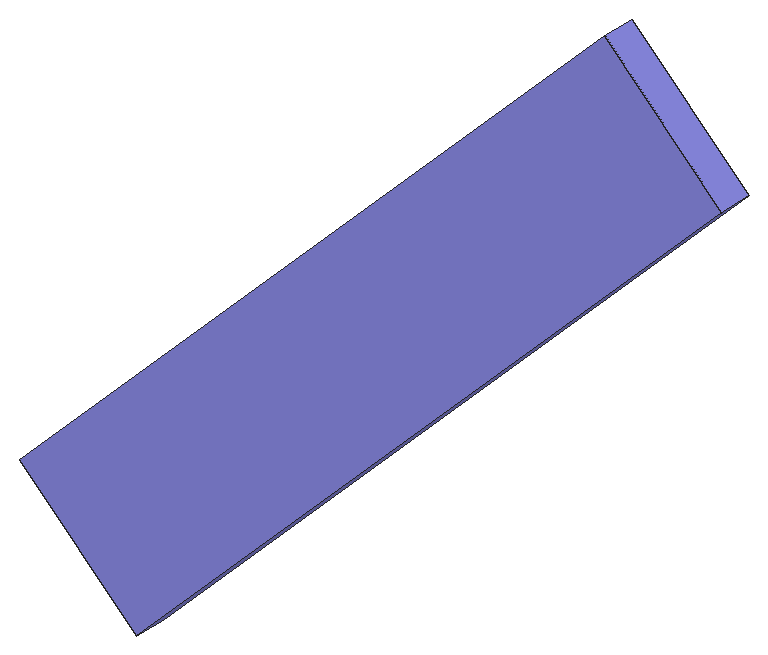
Revit family "配管サポート_角形鋼管(長方形)", category Generic Models, Revit 2023
Family settings
  Can host rebar = No
  Round Connector Dimension = Use Diameter
  Part Type = Normal
  Work Plane-Based = Yes
  Always vertical = No
  Cut with Voids When Loaded = No
  Maintain Annotation Orientation = No
  Shared = No
  Room Calculation Point = No
Parameters (values of type "100 x 20")
  高さ = 100 mm
  長辺 [instance] = 長さ  # 500 mm
  長さ [instance] = 500 mm
  部屋名 = ""
  角度 [instance] = 45.00°
  Default Elevation = 1219.2 mm
  構造マテリアル = E102_配管サポート
  幅 = 20 mm
Types (20, lengths in mm): name | 高さ | 幅
  50 x 20 | 50 | 20
  50 x 30 | 50 | 30
  60 x 30 | 60 | 30
  75 x 20 | 75 | 20
  75 x 45 | 75 | 45
  80 x 40 | 80 | 40
  90 x 40 | 90 | 40
  100 x 20 | 100 | 20
  100 x 40 | 100 | 40
  100 x 50 | 100 | 50
  125 x 40 | 125 | 40
  125 x 75 | 125 | 75
  150 x 100 | 150 | 100
  150 x 75 | 150 | 75
  150 x 80 | 150 | 80
  200 x 100 | 200 | 100
  200 x 150 | 200 | 150
  300 x 200 | 300 | 200
  350 x 150 | 350 | 150
  400 x 200 | 400 | 200
Reference planes
  plane 1 "中心(正面/背面)": y = 0
  plane 2: z = 0
  plane 3 "中心(左/右)": x = 0
Lines and regions (mm)
  reference lines
    curve 1: line (0, 0, 0) -> (848.528, 0, 848.528)
    curve 2: line (35.355, 0, -35.355) -> (-35.355, 0, 35.355)
    curve 3: line (388.909, 0, 318.198) -> (318.198, 0, 388.909)
Dimensions and locks
  equal spacing: curve 2, curve 1, curve 2
  "高さ": curve 2 to curve 2
  equal spacing: curve 3, curve 1, curve 3
  "高さ": curve 3 to curve 3
  "長さ": curve 2 to curve 3
  "角度": angle level to curve 1
  angle curve 2 to curve 1 = 90.00°
  angle curve 3 to curve 1 = 90.00°
  aligned and locked: level to plane 2
  aligned and locked: level to curve 1
  aligned and locked: plane 3 "中心(左/右)" to curve 1
  aligned and locked: curve 1 to nested 1
Nested families
  nested 1: "グレーチング_角形鋼管(長方形)" at (-36.824, 0, 33.887) x (0, 1, 0) z (0.7071, 0, -0.7071), 長さ <- "長さ", type "50 x 20"
    with 長辺 500 mm, 長さ 500 mm
Definition of nested family "グレーチング_角形鋼管(長方形)"
  Parameters (values of type "50 x 20")
    高さ = 100 mm
    長辺 [instance] = 長さ  # 1000 mm
    長さ [instance] = 1000 mm
    部屋名 = ""
    Default Elevation = 1219.2 mm
    構造マテリアル = none
    幅 = 20 mm
  Reference planes
    plane 1 "中心(正面/背面)": y = 0
    plane 2: z = 0
    plane 3 "中心(左/右)": x = 0
    plane 4: z = 50
    plane 5: z = 100
  Forms (mm)
    Extrusion 1, solid, material <- "構造マテリアル"
      sketch origin (0, 0, 0) x (1, 0, 0) y (0, 1, 0)
        loop
          line (-10, 1000) -> (-10, 0) -> (10, 0) -> (10, 1000) -> (-10, 1000)
      from 0 to 100
  Lines and regions (mm)
    reference lines
      curve 1: line (10, 1000, 0) -> (-10, 1000, 0)
      curve 2: line (10, 0, 0) -> (-10, 0, 0)
  Dimensions and locks
    "長さ": curve 1 to curve 2
    "幅": Extrusion 1 to Extrusion 1
    equal spacing: Extrusion 1, plane 3 "中心(左/右)", Extrusion 1
    "幅": curve 1 to curve 1
    equal spacing: curve 1, plane 3 "中心(左/右)", curve 1
    "幅": curve 2 to curve 2
    equal spacing: curve 2, plane 3 "中心(左/右)", curve 2
    equal spacing: plane 5, plane 4, level
    "高さ": plane 5 to level
    aligned and locked: level to plane 2
    aligned and locked: Extrusion 1 to curve 2
    aligned and locked: curve 1 to Extrusion 1
    aligned and locked: plane 5 to Extrusion 1
  Automatic sketch dimensions
    Extrusion 1 sketch curve to plane 3 "中心(左/右)" = 10 mm
    plane 3 "中心(左/右)" to Extrusion 1 sketch curve = 10 mm
    plane 1 "中心(正面/背面)" to Extrusion 1 sketch curve = 0 mm
    Extrusion 1 sketch curve to plane 1 "中心(正面/背面)" = 1000 mm
    plane 1 "中心(正面/背面)" to curve 2 = 0 mm
